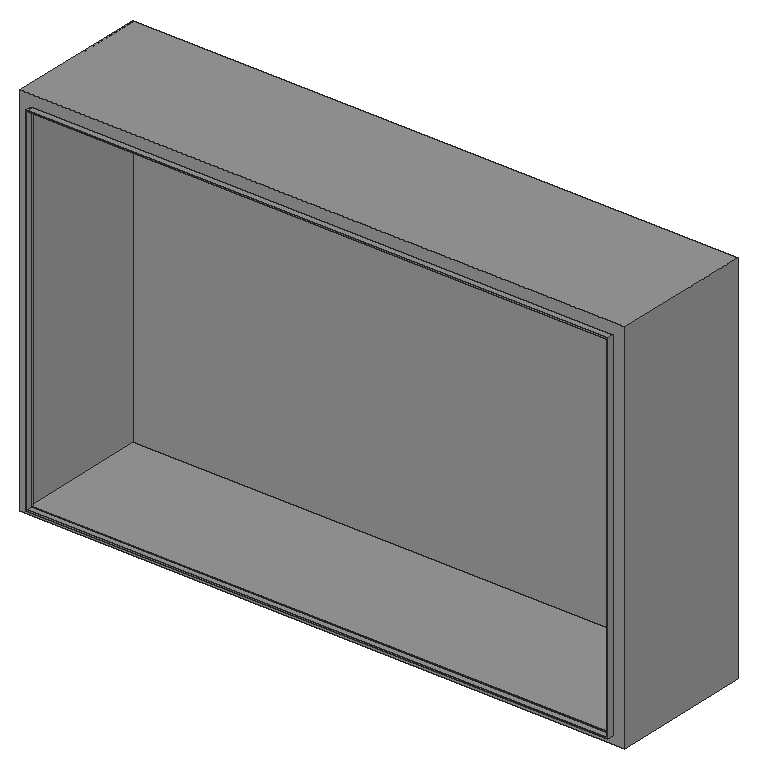
Revit family "Hager-Univers-IP30-D205-H500-Cl.II-Encl-NoHosted-NL-en", category Equipement électrique, Revit 2020
Family settings
  Configuration du panneau = Deux colonnes, circuits au sein
  Cote de connecteur circulaire = Utiliser le diamètre
  Type d'élément = Tableau de raccordement
  Basée sur le plan de construction = Oui
  Toujours verticalement = Oui
  Couper avec des vides une fois chargée = Non
  Partagée = Non
  Point de calcul de pièce = Non
Parameters (values of type "Surface mounted (plaster) IP30 W800 H500 D205  - FP33Q1S")
  Width Control [instance] = if([EF000008 - Width] > Min Width, [EF000008 - Width], Min Width)  # 800 mm
  Commentaires du type = [HG000003 - Range]  # "Univers"
  Thickness Door [instance] = if([EF009171 - Material plate thickness door/cover] > 3 mm, 3 mm, [EF009171 - Material plate thickness door/cover])  # 1 mm
  Seal Frame Offset [instance] = 17 mm  # constant formula
  Plinth Visibility [instance] = [HG000027 - Plinth height] > 0 mm  # no
  Min Width [instance] = 100 mm  # constant formula
  Min Depth [instance] = (2 * [EF009170 - Material plate thickness cabinet]) + 1 mm  # 3 mm
  Min Height [instance] = 100 mm  # constant formula
  Internal Frame Depth [instance] = (Door System Depth * 0.5)  # 9 mm
  Panel Name [instance] = ""  # (empty or 0)
  Model = ""
  HG000027 - Plinth height = 0 mm
  HG000026 - Floor standing = no
  HG000024 - Bottom section height = 600 mm
  HG000023 - Double section enclosure = no
  HG000016 - Door 3d visibility [instance] = yes
  HG000015 - Clearance visibility [instance] = no
  HG000014 - Door on the right [instance] = yes
  HG000013 - Door on the left [instance] = not([HG000014 - Door on the right])  # no
  HG000012 - Door swing angle [instance] = 30.00°
  HG000010 - Asymmetric doors = no
  HG000009 - Double swing door = no
  HG000006 - Flush mounted = no
  HG000004 - Manufacturer reference = "FP33Q1S"
  HG000003 - Range = "Univers"
  HG000002 - With door or cover = no
  Frame Offset Bottom [instance] = 10 mm  # constant formula
  Frame Offset [instance] = 15 mm  # constant formula
  EF015940 - Cover with overpressure release = no
  EF011959 - Degree of protection (NEMA) = ""
  EF009554 - Number of openings for flange plates = 6
  EF009212 - Cover model = "EV009916 - With notch"
  EF009171 - Material plate thickness door/cover = 1 mm
  EF009170 - Material plate thickness cabinet = 1 mm
  EF008873 - Nominal current (In) = 250 A
  EF007800 - Suitable for lightning protection = no
  EF006306 - With lock = no
  EF006244 - Transparent cover/door = no
  EF005474 - Degree of protection (IP) = "EV006410 - IP30"
  EF004464 - Type of door = "EV000494 - None"
  EF004427 - Number of modules = 108
  EF004293 - Impact strength = "EV006813 - IK07"
  EF003532 - Suitable for outdoor use = no
  EF002950 - Width in number of modular spacings = 36
  EF001613 - Circuit integrity = "EV000494 - None"
  EF001596 - Material housing = "EV000179 - Steel"
  EF001131 - Internal depth = 130 mm
  EF001088 - Extension possible = yes
  EF000437 - Number of conduit inlets = 6
  EF000339 - Type of cover = "EV000494 - None"
  EF000266 - Number of rows = 3
  EF000218 - Built-in depth = 0 mm
  EF000118 - With mounting plate = no
  EF000116 - RAL-number = "9010"
  EF000049 - Depth = 205 mm
  EF000040 - Height = 500 mm
  EF000008 - Width = 800 mm
  EF000007 - Colour = "EV000202 - White"
  EF000003 - Mounting method = "EV000384 - Surface mounted (plaster)"
  Door System Leaf Tolerance [instance] = 1.5 mm  # constant formula
  Door System Depth [instance] = 18 mm  # constant formula
  Door Height [instance] = Height Control - [HG000027 - Plinth height]  # 500 mm
  Description = ""
  Default Elevation = 1219.2 mm
  Connector Offset [instance] = Height Control / 2  # 250 mm
  Fabricant = "Hager"  # constant formula
  Height Control [instance] = if([EF000040 - Height] > Min Height, [EF000040 - Height], Min Height)  # 500 mm
  Depth Control [instance] = if([EF000049 - Depth] > Min Depth, [EF000049 - Depth], Min Depth)  # 205 mm
  Bottom Top Plate Trim [instance] = 1.5 mm  # constant formula
  Plinth height Ctrl [instance] = if([HG000027 - Plinth height] > 0 mm, [HG000027 - Plinth height], 12 mm)  # 12 mm
Types (5, lengths in mm): name | Width Control | HG000004 - Manufacturer reference | EF009554 - Number of openings for flange plates | EF004427 - Number of modules | EF002950 - Width in number of modular spacings | EF000437 - Number of conduit inlets | EF000008 - Width
  Surface mounted (plaster) IP30 W1050 H500 D205  - FP34Q1S | 1050 | "FP34Q1S" | 8 | 144 | 48 | 8 | 1050
  Surface mounted (plaster) IP30 W1300 H500 D205  - FP35Q1S | 1300 | "FP35Q1S" | 10 | 180 | 60 | 10 | 1300
  Surface mounted (plaster) IP30 W300 H500 D205  - FP31Q1S | 300 | "FP31Q1S" | 2 | 36 | 12 | 2 | 300
  Surface mounted (plaster) IP30 W550 H500 D205  - FP32Q1S | 550 | "FP32Q1S" | 4 | 72 | 24 | 4 | 550
  Surface mounted (plaster) IP30 W800 H500 D205  - FP33Q1S | 800 | "FP33Q1S" | 6 | 108 | 36 | 6 | 800
Reference planes
  plane 1 "Center (Front/Back)": y = 0
  plane 2: z = 0
  plane 3 "Center (Left/Right)": x = 0
  plane 4: y = 0
  plane 5: y = 0
  plane 6: z = 0
  plane 7: x = -400
  plane 8: x = 400
  plane 9: x = 399
  plane 10: x = -399
  plane 11: z = 0
  plane 12: z = 1
  plane 13: y = -205
  plane 14: y = -1
  plane 15: x = 0
  plane 16: y = -187
  plane 17: y = -204
  plane 18: y = -186
  plane 19: x = -384
  plane 20: x = 384
  plane 21: z = 11
  plane 22: x = -383
  plane 23: x = 383
  plane 24: z = 0
  plane 25: z = 500
  plane 26: z = 500
  plane 27: z = 484
  plane 28: z = 499
Forms (mm)
  Extrusion 1, solid, material "Hager_Steel_RAL7035_Light_Grey", detail levels medium+fine
    sketch origin (-208.679, -4572, 0) x (-1, 0, 0) y (0, -1, 0)
      loop
        line (191.321, -4385) -> (-608.679, -4385) -> (-608.679, -4572) -> (191.321, -4572) -> (191.321, -4385)
    from 0 to 500
  Extrusion 2, void
    sketch origin (-350.771, -205, 1219.2) x (1, 0, 0) y (0, 0, 1)
      loop
        line (-48.229, -720.2) -> (-48.229, -1218.2) -> (749.771, -1218.2) -> (749.771, -720.2) -> (-48.229, -720.2)
    from -19 to -204
  Extrusion 3, void
    sketch origin (-290.084, -187, 1219.2) x (1, 0, 0) y (0, 0, 1)
      loop
        line (-93.916, -1208.2) -> (674.084, -1208.2) -> (674.084, -735.2) -> (-93.916, -735.2) -> (-93.916, -1208.2)
    from 0 to -1
  Extrusion 4, solid, material "Hager_Steel_RAL7035_Light_Grey", visible <- "Plinth Visibility", detail levels medium+fine
    sketch origin (0, 0, 0) x (1, 0, 0) y (0, 1, 0)
      loop
        line (-400, 0) -> (-400, -187) -> (400, -187) -> (400, 0) -> (-400, 0)
    from 0 to 12 <- "Plinth height Ctrl"
  Extrusion 5, solid, material "Hager_Steel_RAL7035_Light_Grey", detail levels coarse
    sketch origin (0, 0, 0) x (1, 0, 0) y (0, 1, 0)
      loop
        line (-400, 0) -> (-400, -205) -> (400, -205) -> (400, 0) -> (-400, 0)
    from 0 to 500 <- "Height Control"
  Sweep 6, void
    path in 3D
      loop
        line (-400, -187, 12) -> (400, -187, 12) -> (400, 0, 12) -> (-400, 0, 12) -> (-400, -187, 12)
    profile origin (-400, -93.5, 12) x (1, 0, 0) y (0, 0, 1)
      loop
        line (0, 0) -> (0, -1.5) -> (1.5, -1.5)
        arc (1.5, -1.5) -> (1.061, -0.439) -> (0, 0) r 1.5
  Extrusion 7, solid, material "Hager_Steel_RAL7035_Light_Grey", detail levels fine
    sketch origin (-400, -187, 0) x (1, 0, 0) y (0, 0, 1)
      loop
        line (16, 11) -> (784, 11) -> (784, 484) -> (16, 484) -> (16, 11)
      loop
        line (15, 10) -> (785, 10) -> (785, 485) -> (15, 485) -> (15, 10)
    from 0 to 9 <- "Internal Frame Depth"
Cuts and joins
  Extrusion 2, Extrusion 3 cuts Extrusion 1
  Sweep 6 cuts Extrusion 4
Lines and regions (mm)
  Masking region 1
    outline origin (0, 0, 0) x (1, 0, 0) y (0, 1, 0)
      loop
        line (-400, 0) -> (-400, -205) -> (400, -205) -> (400, 0) -> (-400, 0)
  Masking region 2, detail levels coarse
    outline origin (-290.084, -187, 1219.2) x (-1, 0, 0) y (0, 0, 1)
      loop
        line (-690.084, -1219.2) -> (109.916, -1219.2) -> (109.916, -719.2) -> (-690.084, -719.2) -> (-690.084, -1219.2)
  Masking region 3, detail levels coarse
    outline origin (0, 0, 0) x (0, 1, 0) y (0, 0, 1)
      loop
        line (0, 0) -> (0, 500) -> (-205, 500) -> (-205, 0) -> (0, 0)
  Masking region 4, visible <- "Plinth Visibility", detail levels medium+fine
    outline origin (0, 0, 0) x (0, 1, 0) y (0, 0, 1)
      loop
        line (-1.5, 12) -> (-185.5, 12)
        arc (-185.5, 12) -> (-185.939, 10.939) -> (-187, 10.5) r 1.5
        line (-187, 10.5) -> (-187, 0) -> (0, 0) -> (0, 10.5)
        arc (0, 10.5) -> (-1.061, 10.939) -> (-1.5, 12) r 1.5
  Masking region 5, detail levels medium+fine
    outline origin (0, 0, 594.038) x (0, 1, 0) y (0, 0, 1)
      loop
        line (0, -594.038) -> (0, -94.038) -> (-187, -94.038) -> (-187, -594.038) -> (0, -594.038)
  Masking region 6, detail levels medium+fine
    outline origin (-359.7, -187, 1211.883) x (-1, 0, 0) y (0, 0, 1)
      loop
        line (-759.7, -1211.883) -> (40.3, -1211.883) -> (40.3, -711.883) -> (-759.7, -711.883) -> (-759.7, -1211.883)
  Masking region 7, visible <- "Plinth Visibility", detail levels medium+fine
    outline origin (-320.334, -187, 1041.368) x (-1, 0, 0) y (0, 0, 1)
      loop
        line (-720.334, -1041.368) -> (79.666, -1041.368) -> (79.666, -1030.868)
        arc (79.666, -1030.868) -> (78.606, -1030.429) -> (78.166, -1029.368) r 1.5
        line (78.166, -1029.368) -> (-718.834, -1029.368)
        arc (-718.834, -1029.368) -> (-719.273, -1030.429) -> (-720.334, -1030.868) r 1.5
        line (-720.334, -1030.868) -> (-720.334, -1041.368)
  sketch lines
    curve 1: line (-400, 0, 12) -> (-400, -187, 12)
    curve 2: line (-400, -187, 12) -> (400, -187, 12)
    curve 3: line (400, 0, 12) -> (-400, 0, 12)
    curve 4: line (400, -187, 12) -> (400, 0, 12)
Dimensions and locks
  locked: plane 1 "Center (Front/Back)" to plane 5
  "EF009170 - Material plate thickness cabinet": plane 7 to plane 10
  "EF009170 - Material plate thickness cabinet": plane 8 to plane 9
  equal spacing: plane 7, plane 3 "Center (Left/Right)", plane 8
  "Width Control": plane 7 to plane 8
  "Depth Control": plane 4 to plane 13
  "EF009170 - Material plate thickness cabinet": plane 4 to plane 14
  "Height Control": plane 25 to level
  "HG000027 - Plinth height": plane 11 to level
  "EF009170 - Material plate thickness cabinet": plane 12 to plane 11
  "EF009170 - Material plate thickness cabinet": plane 17 to plane 13
  "EF009170 - Material plate thickness cabinet": plane 18 to plane 16
  "Frame Offset Bottom": plane 21 to plane 12
  "Frame Offset": plane 10 to plane 19
  "Frame Offset": plane 9 to plane 20
  "Door System Depth": plane 16 to plane 13
  "Seal Frame Offset": plane 7 to plane 22
  "Seal Frame Offset": plane 8 to plane 23
  "EF009170 - Material plate thickness cabinet": plane 26 to plane 28
  "Frame Offset": plane 28 to plane 27
  "Connector Offset": plane 2 to connector elem
  "Bottom Top Plate Trim": profile plane to Sweep 6 sketch curve
  "Bottom Top Plate Trim": Sweep 6 sketch curve to Sweep 6 sketch curve
  "Plinth height Ctrl": Masking region 4 sketch curve to level
  "Plinth height Ctrl": Masking region 7 sketch curve to level
  "Thickness Door": Extrusion 7 sketch curve to Extrusion 7 sketch curve  (x4)
  "Bottom Top Plate Trim": radius of Sweep 6 sketch curve
  "Bottom Top Plate Trim": radius of Masking region 4 sketch curve  (x2)
  "Bottom Top Plate Trim": radius of Masking region 7 sketch curve  (x2)
  aligned and locked: Extrusion 2 sketch curve to plane 12
  aligned and locked: Extrusion 2 sketch curve to plane 9
  aligned and locked: Extrusion 2 sketch curve to plane 10
  aligned and locked: Extrusion 2 to plane 14
  aligned and locked: Extrusion 1 sketch curve to plane 4
  aligned and locked: plane 8 to Extrusion 1 sketch curve
  aligned and locked: plane 7 to Extrusion 1 sketch curve
  aligned and locked: Extrusion 2 to plane 18
  aligned and locked: plane 19 to Extrusion 3 sketch curve
  aligned and locked: plane 20 to Extrusion 3 sketch curve
  aligned and locked: Extrusion 3 to Extrusion 2
  aligned and locked: Extrusion 3 sketch curve to plane 21
  aligned and locked: plane 3 "Center (Left/Right)" to nested 1
  aligned and locked: Extrusion 1 sketch curve to plane 16
  aligned and locked: Extrusion 4 sketch curve to cut or joined group of Extrusion 1, Extrusion 2, Extrusion 3
  aligned and locked: Masking region 1 sketch curve to plane 7
  aligned and locked: Masking region 1 sketch curve to plane 5
  aligned and locked: Masking region 1 sketch curve to plane 8
  aligned and locked: Masking region 2 sketch curve to level
  aligned and locked: level to Masking region 3 sketch curve
  aligned and locked: plane 1 "Center (Front/Back)" to Masking region 3 sketch curve
  aligned and locked: plane 13 to Masking region 3 sketch curve
  aligned and locked: plane 5 to Masking region 4 sketch curve
  aligned and locked: Masking region 2 sketch curve to plane 8
  aligned and locked: Masking region 2 sketch curve to plane 7
  aligned and locked: plane 7 to nested 2
  aligned and locked: nested 2 to plane 5
  aligned and locked: plane 5 to Masking region 5 sketch curve
  aligned and locked: plane 26 to Masking region 5 sketch curve
  aligned and locked: Extrusion 5 sketch curve to plane 8
  aligned and locked: Extrusion 5 sketch curve to plane 7
  aligned and locked: Extrusion 5 sketch curve to plane 5
  aligned and locked: Extrusion 3 sketch curve to plane 27
  aligned and locked: Extrusion 2 sketch curve to plane 28
  aligned and locked: Masking region 2 to plane 25
  aligned and locked: Extrusion 4 to plane 16
  aligned and locked: profile plane to Sweep 6 sketch curve
  aligned and locked: Masking region 5 sketch curve to plane 24
  aligned and locked: level to Masking region 4 sketch curve
  aligned and locked: Masking region 1 to plane 13
  aligned and locked: nested 1 to plane 16
  aligned and locked: Masking region 3 to plane 25
  aligned and locked: plane 16 to Masking region 4 sketch curve
  aligned and locked: Masking region 5 sketch curve to plane 16
  aligned and locked: plane 24 to plane 11
  aligned and locked: plane 26 to plane 25
  aligned and locked: plane 26 to cut or joined group of Extrusion 1, Extrusion 2, Extrusion 3
  aligned and locked: nested 1 to plane 24
  aligned and locked: Extrusion 1 to Extrusion 3
  aligned and locked: Masking region 6 sketch curve to plane 8
  aligned and locked: Masking region 6 sketch curve to plane 24
  aligned and locked: Masking region 6 sketch curve to plane 7
  aligned and locked: Masking region 6 sketch curve to plane 26
  aligned and locked: Masking region 7 sketch curve to plane 7
  aligned and locked: level to Masking region 7 sketch curve
  aligned and locked: Masking region 7 sketch curve to plane 8
  aligned and locked: Extrusion 7 sketch curve to cut or joined group of Extrusion 1, Extrusion 2, Extrusion 3  (x4)
Automatic sketch dimensions
  plane 19 to Extrusion 3 sketch curve = 0 mm
  Extrusion 3 sketch curve to plane 20 = 0 mm
  Extrusion 3 sketch curve to plane 21 = 0 mm
  Extrusion 4 sketch curve to plane 7 = 0 mm
  Extrusion 4 sketch curve to plane 8 = 0 mm
  Extrusion 4 sketch curve to plane 16 = 0 mm
  Masking region 1 sketch curve to plane 13 = 0 mm
  Masking region 2 sketch curve to plane 25 = 0 mm
  Masking region 3 sketch curve to plane 25 = 0 mm
  Extrusion 5 sketch curve to plane 13 = 0 mm
  profile plane to Sweep 6 sketch curve = 0 mm
Nested families
  nested 1: "EC000058_Univers_Door" at (0, -187, 0), Double <- "HG000009 - Double swing door", Transparent <- "EF006244 - Transparent cover/door", Angle <- "HG000012 - Door swing angle", Door_Right <- "HG000014 - Door on the right", Assymetrical <- "HG000010 - Asymmetric doors", Door <- "HG000002 - With door or cover", Width_Ctrl <- "Width Control", 3d_Door <- "HG000016 - Door 3d visibility", Clearance <- "HG000015 - Clearance visibility", Door_Left <- "HG000013 - Door on the left", Width <- "Width Control", Door_Depth <- "Door System Depth", Leaf_Tolerance <- "Door System Leaf Tolerance", Height <- "Door Height", Lock_Visibility <- "EF006306 - With lock", Thickness <- "Thickness Door", type "EC000058_Univers_Door", detail levels medium+fine
    with min_wh 3 mm, Width_Ctrl 800 mm, Width 800 mm, Transparent no, Thickness 1 mm, Seal_Material Hager_Rubber, Lock_Visibility no, Lock_Material Hager_Plastic_RAL9005_Jet_Black, Leaf_Width 800 mm, Leaf_Tolerance_External_Sides 0 mm, Leaf_Tolerance 1.5 mm, Leaf_Offset 0 mm, Leaf_Height 497 mm, Leaf_2_Width 800 mm, Leaf_2_Offset 400 mm, Leaf_1_Width 800 mm, Leaf_1_Offset 400 mm, Height_Ctrl 500 mm, Height 500 mm, Glass_Material Hager_Glass, Double_Clearance_Ctrl no, Double no, Door_Right_Ctrl no, Door_Right yes, Door_Material Hager_Steel_RAL7035_Light_Grey, Door_Left_Ctrl no, Door_Left no, Door_Depth 18 mm, Door no, Clearance_Material Hager_Clearance, Clearance_Depth 800 mm, Clearance_Ctrl no, Clearance no, Assymetrical no, Angle 30.00°, 3d_Door yes
  nested 2: "Hager_Enclosure_Symbol" at (-400, 0, 0), Height <- "Depth Control", Width <- "Width Control", type "Hager_Enclosure_Symbol"
    with Width_Ctrl 800 mm, Width 800 mm, Height_Ctrl 205 mm, Height 205 mm, A_Width_Int 13.453 mm, A_Width 161.438 mm, A_Height_Ctrl 179.375 mm, A_Height 179.375 mm
Connectors
  electrical at (0, 0, 250)
    settings: on plane 1 "Center (Front/Back)", index 1, voltage 0 V, apparent load 0 VA, apparent load phase1 0 VA, apparent load phase2 0 VA, apparent load phase3 0 VA, power factor 1, load classification "Other", number of poles 1, system type 30, power factor state 1, is connector primary yes, connector utility no, sub classification motor no, connector description ""
Definition of nested family "EC000058_Univers_Door"
  Parameters (values of type "EC000058_Univers_Door")
    min_wh [instance] = (2 * Thickness) + 1 mm  # 11 mm
    Width_Ctrl [instance] = 400 mm
    Width [instance] = 500 mm
    Transparent [instance] = yes
    Thickness [instance] = 5 mm
    Seal_Material [instance] = none
    Lock_Visibility [instance] = yes
    Lock_Material [instance] = none
    Leaf_Width [instance] = if((Width_Ctrl - 2 * Leaf_Tolerance_External_Sides) > 0 mm, (Width_Ctrl - 2 * Leaf_Tolerance_External_Sides), min_wh)  # 400 mm
    Leaf_Tolerance_External_Sides [instance] = 0 mm  # constant formula
    Leaf_Tolerance [instance] = 1.5 mm
    Leaf_Offset [instance] = 0 mm  # constant formula
    Leaf_Height [instance] = if((Height_Ctrl - 2 * Leaf_Tolerance) > 0 mm, (Height_Ctrl - 2 * Leaf_Tolerance), min_wh)  # 497 mm
    Leaf_2_Width [instance] = if(and(and(Double, Assymetrical), Door_Left), (Leaf_Width / 3) - (Leaf_Tolerance / 2), if(and(and(Double, Assymetrical), Door_Right), (Leaf_Width / 3) * 2 - (Leaf_Tolerance / 2), if(and(Double, not(Assymetrical)), (Leaf_Width / 2) - Leaf_Tolerance, Leaf_Width)))  # 400 mm
    Leaf_2_Offset [instance] = if(and(Double, Assymetrical), Leaf_2_Width / 2, if(and(Double, not(Assymetrical)), Leaf_Width / 4, Leaf_Width / 2))  # 200 mm
    Leaf_1_Width [instance] = if(and(and(Double, Assymetrical), Door_Right), (Leaf_Width / 3) - (Leaf_Tolerance / 2), if(and(and(Double, Assymetrical), Door_Left), (Width / 3) * 2 - (Leaf_Tolerance / 2), if(and(Double, not(Assymetrical)), (Leaf_Width / 2) - Leaf_Tolerance, Leaf_Width)))  # 400 mm
    Leaf_1_Offset [instance] = if(and(Double, Assymetrical), Leaf_1_Width / 2, if(and(Double, not(Assymetrical)), Leaf_Width / 4, Leaf_Width / 2))  # 200 mm
    Height_Ctrl [instance] = if(Height > min_wh, Height, min_wh)  # 500 mm
    Height [instance] = 500 mm
    Glass_Material [instance] = none
    Double_Clearance_Ctrl [instance] = and(Double, Clearance)  # no
    Double [instance] = no
    Door_Right_Ctrl [instance] = and(or(Door_Right, Double), Door)  # yes
    Door_Right [instance] = yes
    Door_Material [instance] = none
    Door_Left_Ctrl [instance] = and(or(Door_Left, Double), Door)  # no
    Door_Left [instance] = no
    Door_Depth [instance] = 30 mm
    Door [instance] = yes
    Default Elevation = 1219.2 mm
    Clearance_Material [instance] = none
    Clearance_Depth [instance] = if(Leaf_1_Width > Leaf_2_Width, Leaf_1_Width, Leaf_2_Width)  # 400 mm
    Clearance_Ctrl [instance] = and(not(Double), Clearance)  # yes
    Clearance [instance] = yes
    Assymetrical [instance] = yes
    Angle [instance] = 30.00°
    3d_Door [instance] = yes
  Reference planes
    plane 1 "Center (Front/Back)": y = 0
    plane 2 "Bottom": z = 0
    plane 3 "Center (Left/Right)": x = 0
    plane 4: z = 500
    plane 5: x = -200
    plane 6: x = 200
    plane 7: z = 500
    plane 8: x = -200
    plane 9: z = 0
    plane 10: x = 200
    plane 11: y = 0
    plane 12: z = 1.5
    plane 13: x = -600
    plane 14: y = -400
    plane 15: x = 600
    plane 16: x = 0
    plane 17: x = 0
    plane 18: x = -200
    plane 19: x = 200
    plane 20: z = 498.5
  Forms (mm)
    Extrusion 1, solid, material <- "Clearance_Material", visible <- "Double_Clearance_Ctrl"
      sketch origin (1200, 0, 0) x (1, 0, 0) y (0, 0, -1)
        loop
          line (-1800, -498.5) -> (-600, -498.5) -> (-600, 0) -> (-1800, 0) -> (-1800, -498.5)
      from 0 to -400
  Dimensions and locks
    equal spacing: plane 5, plane 3 "Center (Left/Right)", plane 6
    "Width_Ctrl": plane 5 to plane 6
    "Leaf_Offset": plane 5 to plane 8
    "Leaf_Offset": plane 6 to plane 10
    "Leaf_Offset": plane 9 to level
    "Leaf_Offset": plane 4 to plane 7
    "Height_Ctrl": plane 4 to level
    "Leaf_Tolerance": plane 12 to plane 9
    locked: plane 11 to plane 1 "Center (Front/Back)"
    "Leaf_1_Offset": plane 18 to plane 16
    "Leaf_2_Offset": plane 17 to plane 19
    "Leaf_1_Width": plane 13 to plane 8
    "Leaf_2_Width": plane 10 to plane 15
    "Clearance_Depth": plane 14 to plane 1 "Center (Front/Back)"
    "Leaf_Tolerance_External_Sides": plane 8 to plane 18
    "Leaf_Tolerance_External_Sides": plane 19 to plane 10
    "Leaf_Tolerance": plane 7 to plane 20
    aligned and locked: level to plane 2 "Bottom"
    aligned and locked: nested 1 to plane 16
    aligned and locked: nested 2 to plane 17
    aligned and locked: Extrusion 1 to plane 13
    aligned and locked: plane 15 to Extrusion 1
    aligned and locked: Extrusion 1 to plane 14
    aligned and locked: plane 12 to nested 1
    aligned and locked: nested 2 to plane 12
    aligned and locked: Extrusion 1 to plane 11
    aligned and locked: plane 20 to Extrusion 1
    aligned and locked: nested 2 to plane 11
    aligned and locked: nested 1 to plane 11
  Automatic sketch dimensions
    Extrusion 1 sketch curve to level = 0 mm
    plane 5 to Extrusion 1 sketch curve = 400 mm
    plane 6 to Extrusion 1 sketch curve = 400 mm
    Extrusion 1 sketch curve to plane 4 = 1.5 mm
  Nested families
    nested 1: "EC000058_Univers_Door_Leaf" at (0, 0, 1.5), Width <- "Leaf_1_Width", visible <- "Door_Left_Ctrl", Leaf_Height <- "Leaf_Height", Angle <- "Angle", 3d_Door <- "3d_Door", Transparent <- "Transparent", Clearance Material <- "Clearance_Material", Clearance <- "Clearance_Ctrl", Door_Material <- "Door_Material", Glass_Material <- "Glass_Material", Door_Depth <- "Door_Depth", Lock_Material <- "Lock_Material", Seal_Material <- "Seal_Material", Lock_Visibility <- "Lock_Visibility", Thickness <- "Thickness", type "EC000058_Univers_Door_Leaf"
      with Width 400 mm, Transparent_Glass_Offset 30 mm, Transparent_Ctrl yes, Transparent yes, Thickness 5 mm, Standard no, Seal_Material none, Seal_D2 8 mm, Seal_D1 1 mm, Offset_Internal_Frame 10 mm, Lock_Width 20 mm, Lock_Visibility_3d yes, Lock_Visibility yes, Lock_Thickness_3 3 mm, Lock_Thickness_2 1 mm, Lock_Thickness_1 3 mm, Lock_Radius_Offset_2 16 mm, Lock_Radius_Offset_1 15 mm, Lock_Radius_2 5 mm, Lock_Radius 6 mm, Lock_Offset 5 mm, Lock_Material none, Lock_Height 80 mm, Lock_Cover_Top_Offset_2d 17 mm, Lock_Cover_Height -65 mm, Leaf_Height 497 mm, Internal_Seal_Thickness 8 mm, Internal_Seal_Depth_2 4.5 mm, Internal_Frame_Depth 25 mm, Glass_Thickness -1 mm, Glass_Offset -2 mm, Glass_Material none, Door_Material none, Door_Depth 30 mm, Clearance Material none, Clearance yes, Angle_Ctrl 30.00°, Angle 30.00°, 3d_Door yes
    nested 2: "EC000058_Univers_Door_Leaf" at (0, 0, 1.5) x (-1, 0, 0) z (0, 0, 1), Width <- "Leaf_2_Width", visible <- "Door_Right_Ctrl", Leaf_Height <- "Leaf_Height", Angle <- "Angle", 3d_Door <- "3d_Door", Transparent <- "Transparent", Clearance Material <- "Clearance_Material", Clearance <- "Clearance_Ctrl", Door_Material <- "Door_Material", Glass_Material <- "Glass_Material", Door_Depth <- "Door_Depth", Lock_Material <- "Lock_Material", Seal_Material <- "Seal_Material", Lock_Visibility <- "Lock_Visibility", Thickness <- "Thickness", type "EC000058_Univers_Door_Leaf"
      with Width 400 mm, Transparent_Glass_Offset 30 mm, Transparent_Ctrl yes, Transparent yes, Thickness 5 mm, Standard no, Seal_Material none, Seal_D2 8 mm, Seal_D1 1 mm, Offset_Internal_Frame 10 mm, Lock_Width 20 mm, Lock_Visibility_3d yes, Lock_Visibility yes, Lock_Thickness_3 3 mm, Lock_Thickness_2 1 mm, Lock_Thickness_1 3 mm, Lock_Radius_Offset_2 16 mm, Lock_Radius_Offset_1 15 mm, Lock_Radius_2 5 mm, Lock_Radius 6 mm, Lock_Offset 5 mm, Lock_Material none, Lock_Height 80 mm, Lock_Cover_Top_Offset_2d 17 mm, Lock_Cover_Height -65 mm, Leaf_Height 497 mm, Internal_Seal_Thickness 8 mm, Internal_Seal_Depth_2 4.5 mm, Internal_Frame_Depth 25 mm, Glass_Thickness -1 mm, Glass_Offset -2 mm, Glass_Material none, Door_Material none, Door_Depth 30 mm, Clearance Material none, Clearance yes, Angle_Ctrl 30.00°, Angle 30.00°, 3d_Door yes
  Definition of nested family "EC000058_Univers_Door_Leaf"
    Parameters (values of type "EC000058_Univers_Door_Leaf")
      Width [instance] = 2000 mm
      Transparent_Glass_Offset [instance] = 30 mm
      Transparent_Ctrl [instance] = and(Transparent, [3d_Door])  # yes
      Transparent [instance] = yes
      Thickness [instance] = 5 mm
      Standard [instance] = and(not(Transparent), [3d_Door])  # no
      Seal_Material [instance] = none
      Seal_D2 [instance] = 8 mm  # constant formula
      Seal_D1 [instance] = 1 mm  # constant formula
      Offset_Internal_Frame [instance] = 10 mm  # constant formula
      Lock_Width [instance] = 20 mm  # constant formula
      Lock_Visibility_3d [instance] = and(Lock_Visibility, [3d_Door])  # yes
      Lock_Visibility [instance] = yes
      Lock_Thickness_3 [instance] = 3 mm  # constant formula
      Lock_Thickness_2 [instance] = 1 mm  # constant formula
      Lock_Thickness_1 [instance] = 3 mm  # constant formula
      Lock_Radius_Offset_2 [instance] = Lock_Radius_Offset_1 + 1 mm  # 16 mm
      Lock_Radius_Offset_1 [instance] = 15 mm  # constant formula
      Lock_Radius_2 [instance] = Lock_Radius - 1 mm  # 5 mm
      Lock_Radius [instance] = 6 mm  # constant formula
      Lock_Offset [instance] = 5 mm  # constant formula
      Lock_Material [instance] = none
      Lock_Height [instance] = 80 mm  # constant formula
      Lock_Cover_Top_Offset_2d [instance] = Lock_Radius_Offset_2 + 1 mm  # 17 mm
      Lock_Cover_Height [instance] = -(Lock_Height - Lock_Radius_Offset_1)  # -65 mm
      Leaf_Height [instance] = 2720.336 mm
      Internal_Seal_Thickness [instance] = 8 mm  # constant formula
      Internal_Seal_Depth_2 [instance] = 4.5 mm  # constant formula
      Internal_Frame_Depth [instance] = if(Door_Depth - Thickness > 5 mm, Door_Depth - Thickness, 5 mm)  # 25 mm
      Glass_Thickness [instance] = if(Thickness > 15 mm, Glass_Offset + 10 mm, -1 mm)  # -1 mm
      Glass_Offset [instance] = if(Thickness > 15 mm, -(Thickness + 10 mm) / 2, -2 mm)  # -2 mm
      Glass_Material [instance] = none
      Door_Material [instance] = none
      Door_Depth [instance] = 30 mm
      Default Elevation = 0 mm
      Clearance Material [instance] = none
      Clearance [instance] = yes
      Angle_Ctrl [instance] = if(Angle > 180.00°, 180.00°, Angle)  # 90.00°
      Angle [instance] = 90.00°
      3d_Door [instance] = yes
    Reference planes
      plane 1 "Center (Front/Back)": y = 0
      plane 2: z = 0
      plane 3 "Center (Left/Right)": x = 0
      plane 4: y = 2000
      plane 5: x = -1000
      plane 6: x = 1000
      plane 7: x = -3000
      plane 8: z = 2720.336
      plane 9: z = 30
      plane 10: z = 2690.336
      plane 11: x = 970
      plane 12: x = -970
      plane 13: y = -3
      plane 14: z = 107.833
      plane 15: y = -5
      plane 16: y = -223.314
      plane 17: x = -1000
      plane 18: z = 1360.168
      plane 19: y = 30
    Forms (mm)
      Extrusion 1, solid, material <- "Clearance Material", visible <- "Clearance"
        sketch origin (0, 0, 0) x (1, 0, 0) y (0, 0, 1)
          loop
            line (-3000, 2720.336) -> (-3000, 0) -> (1000, 0) -> (1000, 2720.336) -> (-3000, 2720.336)
        from 0 to -2000
      Extrusion 2, solid, material <- "Door_Material", visible <- "Standard", detail levels medium+fine
        sketch origin (-1000, 0, 0) x (0, 1, 0) y (-1, 0, 0)
          loop
            line (0, 30) -> (0, 25) -> (2000, 25) -> (2000, 30) -> (0, 30)
        from 0 to 2720.336 <- "Leaf_Height"
      Extrusion 3, solid, material <- "Door_Material", visible <- "Transparent_Ctrl", detail levels medium+fine
        sketch origin (-1000, 0, 0) x (0, 1, 0) y (-1, 0, 0)
          loop
            line (0, 25) -> (2000, 25) -> (2000, 30) -> (0, 30) -> (0, 25)
        from 0 to 2720.336 <- "Leaf_Height"
      Extrusion 4, void
        sketch origin (-1025, 2000, 0) x (0, 1, 0) y (0, 0, -1)
          loop
            line (-30, -2690.336) -> (-30, -30) -> (-1970, -30) -> (-1970, -2690.336) -> (-30, -2690.336)
        from 0 to 5 <- "Thickness"
      Sweep 5, solid, material <- "Seal_Material", visible <- "Transparent_Ctrl", detail levels fine
        path in 3D
          loop
            line (-1025, 30, 30) -> (-1025, 30, 2690.336) -> (-1025, 1970, 2690.336) -> (-1025, 1970, 30) -> (-1025, 30, 30)
        profile origin (-1025, 1000, 30) x (1, 0, 0) y (0, 0, 1)
          loop
            line (0, 0) -> (0, -8) -> (1, -8) -> (1, 0) -> (0, 0)
      Extrusion 6, solid, material <- "Glass_Material", visible <- "Transparent_Ctrl", detail levels medium+fine
        sketch origin (-1030, 0, 0) x (0, 1, 0) y (0, 0, -1)
          loop
            line (1970, -2690.336) -> (1970, -30) -> (30, -30) -> (30, -2690.336) -> (1970, -2690.336)
        from -2 <- "Glass_Offset" to -1 <- "Glass_Thickness"
      Extrusion 7, solid, material <- "Door_Material", visible <- "3d_Door", detail levels medium+fine
        sketch origin (-1025, 2000, 0) x (0, -1, 0) y (0, 0, -1)
          loop
            line (0, -2720.336) -> (2000, -2720.336) -> (2000, 0) -> (0, 0) -> (0, -2720.336)
          loop
            line (1995, -5) -> (5, -5) -> (5, -2715.336) -> (1995, -2715.336) -> (1995, -5)
        from 0 to 25 <- "Internal_Frame_Depth"
      Sweep 8, solid, material <- "Seal_Material", visible <- "Transparent_Ctrl", detail levels fine
        path in 3D
          loop
            line (-1025, 0, 0) -> (-1025, 2000, 0) -> (-1025, 2000, 2720.336) -> (-1025, 0, 2720.336) -> (-1025, 0, 0)
        profile origin (-1025, 0, 1360.168) x (1, 0, 0) y (0, 1, 0)
          loop
            line (0, 10) -> (2.975, 10)
            arc (2.975, 10) -> (4.053, 10.447) -> (4.5, 11.525) r 1.525
            line (4.5, 11.525) -> (4.5, 16.527)
            arc (4.5, 16.527) -> (4.069, 17.569) -> (3.027, 18) r 1.473
            line (3.027, 18) -> (0, 18) -> (0, 10)
      Extrusion 9, solid, material <- "Lock_Material", visible <- "Lock_Visibility_3d", detail levels fine
        sketch origin (-1030, 0, 0) x (0, 1, 0) y (0, 0, -1)
          loop
            arc (1993.5, -1400.168) -> (1994.561, -1399.729) -> (1995, -1398.668) r 1.5
            line (1995, -1398.668) -> (1995, -1320.168) -> (1975, -1320.168) -> (1975, -1398.668)
            arc (1975, -1398.668) -> (1975.439, -1399.729) -> (1976.5, -1400.168) r 1.5
            line (1976.5, -1400.168) -> (1993.5, -1400.168)
        from 3 <- "Lock_Thickness_1" to 0
      Blend 10, solid, material <- "Lock_Material", visible <- "Lock_Visibility_3d", detail levels fine
        base sketch origin (-1033, 0, 0) x (0, 1, 0) y (0, 0, -1)
          loop
            line (1975, -1320.168) -> (1975, -1398.668)
            arc (1975, -1398.668) -> (1975.439, -1399.729) -> (1976.5, -1400.168) r 1.5
            line (1976.5, -1400.168) -> (1993.5, -1400.168)
            arc (1993.5, -1400.168) -> (1994.561, -1399.729) -> (1995, -1398.668) r 1.5
            line (1995, -1398.668) -> (1995, -1320.168) -> (1975, -1320.168)
        top sketch origin (-1033, 0, 0) x (0, 1, 0) y (0, 0, -1)
          loop
            line (1976, -1320.168) -> (1976, -1398.668)
            arc (1976, -1398.668) -> (1976.146, -1399.022) -> (1976.5, -1399.168) r 0.5
            line (1976.5, -1399.168) -> (1993.5, -1399.168)
            arc (1993.5, -1399.168) -> (1993.854, -1399.022) -> (1994, -1398.668) r 0.5
            line (1994, -1398.668) -> (1994, -1320.168) -> (1976, -1320.168)
        from 0 to 1 <- "Lock_Thickness_2"
      Blend 11, solid, material <- "Lock_Material", visible <- "Lock_Visibility_3d", detail levels fine
        base sketch origin (-1034, 0, 0) x (0, 1, 0) y (0, 0, -1)
          loop
            line (1978, -1320.168) -> (1978, -1384.168)
            arc (1978, -1384.168) -> (1985, -1391.168) -> (1992, -1384.168) r 7
            line (1992, -1384.168) -> (1992, -1320.168) -> (1978, -1320.168)
        top sketch origin (-1034, 0, 0) x (0, 1, 0) y (0, 0, -1)
          loop
            line (1991, -1320.168) -> (1979, -1320.168) -> (1979, -1383.168)
            arc (1979, -1383.168) -> (1985, -1389.168) -> (1991, -1383.168) r 6
            line (1991, -1383.168) -> (1991, -1320.168)
        from 0 to 3 <- "Lock_Thickness_3"
      Extrusion 12, solid, material <- "Lock_Material", visible <- "Lock_Visibility_3d", detail levels fine
        sketch origin (-1030, 1975, 1320.168) x (1, 0, 0) y (0, -1, 0)
          loop
            line (-7, -19) -> (-7, -1) -> (0, -1) -> (0, 0) -> (-8, 0) -> (-8, -20) -> (0, -20) -> (0, -19) -> (-7, -19)
        from 0 to -65 <- "Lock_Cover_Height"
      Extrusion 13, void
        sketch origin (-1038, 1995, 1320.168) x (-1, 0, 0) y (0, 0, -1)
          loop
            line (-5, -65) -> (0, -65) -> (-5, -60) -> (-5, -65)
        from 0 to 20 <- "Lock_Width"
      Extrusion 14, void
        sketch origin (-1038, 1975, 1320.168) x (0, -1, 0) y (0, 0, -1)
          loop
            circle (-10, -15.995) r 6
          loop
            circle (-10, -15.995) r 5
        from 0 to 2
      Extrusion 15, solid, material <- "Lock_Material", visible <- "Lock_Visibility_3d", detail levels medium
        sketch origin (-1030, 0, 0) x (0, 1, 0) y (0, 0, -1)
          loop
            arc (1993.5, -1400.168) -> (1994.561, -1399.729) -> (1995, -1398.668) r 1.5
            line (1995, -1398.668) -> (1995, -1320.168) -> (1975, -1320.168) -> (1975, -1398.668)
            arc (1975, -1398.668) -> (1975.439, -1399.729) -> (1976.5, -1400.168) r 1.5
            line (1976.5, -1400.168) -> (1993.5, -1400.168)
        from 8 to 0
    Cuts and joins
      Extrusion 4 cuts Extrusion 3
      Extrusion 13, Extrusion 14 cuts Extrusion 9
      Extrusion 14 cuts Blend 11
      Extrusion 13, Extrusion 14 cuts Extrusion 12
      joined: Extrusion 9, Blend 10, Blend 11, Extrusion 12
      Extrusion 14 cuts Extrusion 15
    Lines and regions (mm)
      Masking region 1, visible <- "Lock_Visibility", detail levels fine
        outline origin (0, 0, 0) x (0, 1, 0) y (0, 0, 1)
          loop
            line (30, 1320.168) -> (33, 1320.168) -> (33, 1400.168) -> (30, 1400.168) -> (30, 1320.168)
      Masking region 2, visible <- "Lock_Visibility", detail levels fine
        outline origin (0, 3.143, 0) x (0, 1, 0) y (0, 0, 1)
          loop
            line (29.857, 1354.168) -> (30.857, 1354.168) -> (30.857, 1366.168) -> (29.857, 1366.168) -> (29.857, 1354.168)
      Masking region 3, detail levels medium+fine
        outline origin (0, 0, 0) x (0, 1, 0) y (0, 0, 1)
          loop
            line (0, 0) -> (30, 0) -> (30, 2720.336) -> (0, 2720.336) -> (0, 0)
      Masking region 4, detail levels medium+fine
        outline origin (0, 0, 0) x (1, 0, 0) y (0, 0, 1)
          loop
            line (-1000, 2720.336) -> (-1000, 0) -> (1000, 0) -> (1000, 2720.336) -> (-1000, 2720.336)
      Masking region 5, visible <- "Lock_Visibility", detail levels fine
        outline origin (-47.116, 0, 0) x (1, 0, 0) y (0, 0, 1)
          loop
            arc (1024.616, 1399.168) -> (1023.556, 1398.729) -> (1023.116, 1397.668) r 1.5
            line (1023.116, 1397.668) -> (1023.116, 1320.168) -> (1041.116, 1320.168) -> (1041.116, 1397.668)
            arc (1041.116, 1397.668) -> (1040.677, 1398.729) -> (1039.616, 1399.168) r 1.5
            line (1039.616, 1399.168) -> (1024.616, 1399.168)
      Masking region 6, visible <- "Lock_Visibility", detail levels medium+fine
        outline origin (-25, 0, 0) x (1, 0, 0) y (0, 0, 1)
          loop
            arc (1001.5, 1400.168) -> (1000.439, 1399.729) -> (1000, 1398.668) r 1.5
            line (1000, 1398.668) -> (1000, 1320.168) -> (1020, 1320.168) -> (1020, 1398.668)
            arc (1020, 1398.668) -> (1019.561, 1399.729) -> (1018.5, 1400.168) r 1.5
            line (1018.5, 1400.168) -> (1001.5, 1400.168)
      Masking region 7, visible <- "Lock_Visibility", detail levels fine
        outline origin (-73.735, 0, 0) x (1, 0, 0) y (0, 0, 1)
          loop
            line (1051.735, 1382.168) -> (1065.735, 1382.168) -> (1065.735, 1384.168)
            arc (1065.735, 1384.168) -> (1058.735, 1391.168) -> (1051.735, 1384.168) r 7
            line (1051.735, 1384.168) -> (1051.735, 1382.168)
      Masking region 8, visible <- "Lock_Visibility", detail levels fine
        outline origin (-73.735, 0, 0) x (1, 0, 0) y (0, 0, 1)
          loop
            line (1052.735, 1382.168) -> (1064.735, 1382.168) -> (1064.735, 1383.168)
            arc (1064.735, 1383.168) -> (1058.735, 1389.168) -> (1052.735, 1383.168) r 6
            line (1052.735, 1383.168) -> (1052.735, 1382.168)
      Masking region 9, visible <- "Lock_Visibility", detail levels fine
        outline origin (-25, 0, 0) x (1, 0, 0) y (0, 0, 1)
          loop
            line (1020, 1320.168) -> (1020, 1382.168) -> (1000, 1382.168) -> (1000, 1320.168) -> (1020, 1320.168)
      Masking region 10, detail levels medium+fine
        outline origin (0, 0, 0) x (1, 0, 0) y (0, 0, 1)
          loop
            circle (985, 1335.144) r 6
      Masking region 11, detail levels fine
        outline origin (0, 0, 0) x (1, 0, 0) y (0, 0, 1)
          loop
            circle (985, 1335.144) r 5
      Masking region 12, visible <- "Lock_Visibility", detail levels fine
        outline origin (0, 12.767, 0) x (0, 1, 0) y (0, 0, 1)
          loop
            line (20.233, 1320.168) -> (21.233, 1320.168) -> (21.233, 1399.168) -> (20.233, 1400.168) -> (20.233, 1320.168)
      Masking region 13, visible <- "Lock_Visibility", detail levels fine
        outline origin (0, 13.767, -10) x (0, 1, 0) y (0, 0, 1)
          loop
            line (20.233, 1330.168) -> (23.233, 1330.168) -> (23.233, 1399.168) -> (20.233, 1402.168) -> (20.233, 1330.168)
      Masking region 14, visible <- "Lock_Visibility", detail levels fine
        outline origin (0, 12.767, -10) x (0, 1, 0) y (0, 0, 1)
          loop
            line (20.233, 1330.168) -> (25.233, 1330.168) -> (25.233, 1399.305) -> (20.233, 1394.305) -> (20.233, 1330.168)
      Masking region 15, visible <- "Lock_Visibility", detail levels medium
        outline origin (0, 0, 0) x (0, 1, 0) y (0, 0, 1)
          loop
            line (30, 1320.168) -> (38, 1320.168) -> (38, 1400.168) -> (30, 1400.168) -> (30, 1320.168)
      Masking region 16, visible <- "Lock_Visibility", detail levels fine
        outline origin (-1000, 0, 0) x (0, 1, 0) y (-1, 0, 0)
          loop
            line (1975, 30) -> (1995, 30) -> (1995, 38) -> (1975, 38) -> (1975, 30)
          loop
            line (1979, 37) -> (1976, 37) -> (1976, 34) -> (1978, 34) -> (1979, 37)
          loop
            line (1994, 37) -> (1991, 37) -> (1992, 34) -> (1994, 34) -> (1994, 37)
      Masking region 17, visible <- "Lock_Visibility", detail levels medium
        outline origin (-1000, 0, 0) x (0, 1, 0) y (-1, 0, 0)
          loop
            line (1975, 30) -> (1995, 30) -> (1995, 38) -> (1975, 38) -> (1975, 30)
      symbolic lines
        curve 1: line (1000, 0, 0) -> (-3000, 0, 0)
        curve 2: arc (1000, 0, 0) -> (-1000, 2000, 0) -> (-3000, 0, 0) r 2000
        curve 4: line (-1030, 0, 0) -> (-1030, 2000, 0)
      reference lines
        curve 3: line (-1000, 0, 0) -> (-1000, 2000, 0)
      symbolic lines, detail levels medium+fine
        curve 5: line (-1030, 2000, 0) -> (-1025, 2000, 0)
        curve 7: line (-1025, 0, 0) -> (-1030, 0, 0)
        curve 8: line (-1025, 0, 0) -> (-1000, 0, 0)
        curve 9: line (-1000, 0, 0) -> (-1000, 2000, 0)
        curve 10: line (-1000, 2000, 0) -> (-1025, 2000, 0)
      symbolic lines, detail levels fine
        curve 6: line (-1025, 2000, 0) -> (-1025, 0, 0)
      sketch lines
        curve 11: line (-1025, 0, 2720.336) -> (-1025, 0, 0)
        curve 12: line (-1025, 2000, 0) -> (-1025, 0, 0)
        curve 13: line (-1025, 2000, 2720.336) -> (-1025, 2000, 0)
        curve 14: line (-1025, 0, 2720.336) -> (-1025, 2000, 2720.336)
        curve 15: line (-1025, 1970, 30) -> (-1025, 30, 30)
        curve 16: line (-1025, 30, 30) -> (-1025, 30, 2690.336)
        curve 17: line (-1025, 1970, 2690.336) -> (-1025, 1970, 30)
        curve 18: line (-1025, 30, 2690.336) -> (-1025, 1970, 2690.336)
      symbolic lines, visible <- "Transparent", detail levels medium+fine
        curve 19: line (-970, 0, 2690.336) -> (970, 0, 2690.336)
        curve 20: line (-970, 0, 30) -> (-970, 0, 2690.336)
        curve 21: line (970, 0, 30) -> (-970, 0, 30)
        curve 22: line (970, 0, 2690.336) -> (970, 0, 30)
    Dimensions and locks
      "Width": plane 1 "Center (Front/Back)" to plane 4
      equal spacing: plane 5, plane 3 "Center (Left/Right)", plane 6
      "Width": plane 5 to plane 6
      "Width": plane 7 to plane 5
      "Leaf_Height": plane 8 to level
      "Width": curve 5 to curve 3
      "Width": curve 3 to curve 3
      plane 8 to plane 10 = 30 mm
      plane 9 to level = 30 mm
      plane 12 to plane 5 = 30 mm
      plane 6 to plane 11 = 30 mm
      Extrusion 1 to Extrusion 4 sketch curve = 30 mm
      "Transparent_Glass_Offset": curve 3 to Extrusion 4 sketch curve
      "Transparent_Glass_Offset": Extrusion 4 sketch curve to cut or joined group of Extrusion 3, Extrusion 4  (x2)
      cut or joined group of Extrusion 3, Extrusion 4 to Extrusion 6 sketch curve = 30 mm
      "Transparent_Glass_Offset": cut or joined group of Extrusion 3, Extrusion 4 to Extrusion 4 sketch curve
      "Thickness": curve 6 to curve 4
      "Thickness": Extrusion 7 sketch curve to Extrusion 7 sketch curve  (x4)
      "Door_Depth": curve 4 to curve 3
      "Offset_Internal_Frame": profile plane to Sweep 8 sketch curve
      "Internal_Seal_Thickness": Sweep 8 sketch curve to Sweep 8 sketch curve
      "Internal_Seal_Depth_2": profile plane to Sweep 8 sketch curve
      "Seal_D1": profile plane to Sweep 5 sketch curve
      "Seal_D2": profile plane to Sweep 5 sketch curve
      "Thickness": Extrusion 2 sketch curve to Extrusion 2 sketch curve
      equal spacing: Extrusion 9 sketch curve, plane 18, Extrusion 9 sketch curve  (x2)
      equal spacing: Masking region 1 sketch curve, plane 18, Masking region 1 sketch curve
      "Lock_Height": Masking region 1 sketch curve to Masking region 1 sketch curve
      "Lock_Radius": Masking region 2 sketch curve to plane 18 to Masking region 2 sketch curve
      Masking region 2 sketch curve to Masking region 1 = 1 mm
      "Door_Depth": plane 19 to plane 1 "Center (Front/Back)"
      "Lock_Thickness_1": Masking region 1 sketch curve to plane 19
      "Lock_Width": Extrusion 9 sketch curve to Extrusion 9 sketch curve
      "Lock_Height": Extrusion 9 sketch curve to Extrusion 9 sketch curve
      "Lock_Offset": cut or joined group of Extrusion 3, Extrusion 4 to Extrusion 9 sketch curve
      equal spacing: plane 8, plane 18, level
      "Lock_Radius_Offset_1": Blend 11 sketch curve to Blend 10
      locked: Blend 10 to Blend 11 sketch curve at 2  (x2)
      locked: var sketch to Blend 11 sketch curve at 1  (x2)
      "Lock_Radius_Offset_2": Blend 11 sketch curve to Blend 10
      locked: Extrusion 12 sketch curve to Extrusion 12 sketch curve at 1  (x3)
      Masking region 6 sketch curve to Masking region 6 sketch curve = 80 mm
      "Lock_Height": Masking region 6 sketch curve to Masking region 6 sketch curve
      "Lock_Width": Masking region 6 sketch curve to Masking region 6 sketch curve
      locked: Masking region 6 to Masking region 5 sketch curve at 1  (x3)
      locked: Masking region 5 to Masking region 7 sketch curve at 2  (x2)
      "Lock_Radius_Offset_1": Masking region 5 to Masking region 7 sketch curve
      "Lock_Radius_Offset_2": Masking region 5 to Masking region 8 sketch curve
      locked: Masking region 7 to Masking region 8 sketch curve at 1  (x2)
      "Lock_Cover_Top_Offset_2d": Masking region 5 to Masking region 9 sketch curve
      equal spacing: Masking region 9, Masking region 10 sketch curve, Masking region 9
      equal spacing: Masking region 9, Masking region 11 sketch curve, Masking region 9
      Extrusion 15 sketch curve to Extrusion 15 sketch curve = 80 mm
      "Lock_Width": Extrusion 15 sketch curve to Extrusion 15 sketch curve
      "Lock_Height": Extrusion 15 sketch curve to Extrusion 15 sketch curve
      equal spacing: Extrusion 15 sketch curve, plane 18, Extrusion 15 sketch curve
      "Lock_Thickness_3": Masking region 13 sketch curve to Masking region 13 sketch curve
      "Lock_Height": Masking region 12 sketch curve to Masking region 12 sketch curve
      locked: Masking region 13 sketch curve to Masking region 1 at 8
      locked: Masking region 14 sketch curve to Masking region 13 at 1
      locked: Masking region 14 sketch curve to Masking region 1 at 10.863
      "Lock_Height": Masking region 15 sketch curve to Masking region 15 sketch curve
      "Lock_Offset": Extrusion 15 sketch curve to cut or joined group of Extrusion 3, Extrusion 4
      "Lock_Offset": plane 6 to Masking region 6 sketch curve
      radius of Sweep 8 sketch curve = 1.525 mm
      radius of Sweep 8 sketch curve = 1.473 mm
      radius of Extrusion 9 sketch curve = 1.5 mm  (x2)
      "Lock_Radius": radius of Extrusion 14 sketch curve
      "Lock_Radius_2": radius of Extrusion 14 sketch curve
      "Lock_Radius": radius of Masking region 10 sketch curve
      "Lock_Radius_2": radius of Masking region 11 sketch curve
      radius of Extrusion 15 sketch curve = 1.5 mm  (x2)
      "Angle_Ctrl": angle plane 1 "Center (Front/Back)" to curve 3
      locked: Masking region 12 sketch curve to Masking region 12 sketch curve (angle 45.00°)
      locked: Masking region 13 sketch curve to Masking region 13 sketch curve (angle 45.00°)
      locked: Masking region 14 sketch curve to Masking region 14 sketch curve (angle 45.00°)
      aligned and locked: level to plane 2
      aligned and locked: Extrusion 1 to curve 1
      aligned and locked: plane 6 to Extrusion 1
      aligned and locked: Extrusion 1 to plane 1 "Center (Front/Back)"
      aligned and locked: plane 4 to Extrusion 1
      aligned and locked: plane 8 to Extrusion 1
      aligned and locked: curve 7 to Extrusion 2 sketch curve
      aligned and locked: curve 5 to Extrusion 2 sketch curve
      aligned and locked: curve 7 to Extrusion 3 sketch curve
      aligned and locked: Extrusion 3 sketch curve to curve 4
      aligned and locked: Extrusion 3 sketch curve to curve 6
      aligned and locked: Extrusion 3 sketch curve to curve 5
      aligned and locked: curve 9 to curve 3
      aligned and locked: Extrusion 7 sketch curve to cut or joined group of Extrusion 3, Extrusion 4  (x4)
      aligned and locked: plane 17 to curve 3
      aligned and locked: plane 1 "Center (Front/Back)" to curve 3
      aligned and locked: plane 17 to plane 5
      aligned and locked: Sweep 8 sketch curve to profile plane
      aligned and locked: Sweep 5 sketch curve to profile plane  (x2)
      aligned and locked: Masking region 1 to Masking region 2 sketch curve
      aligned and locked: plane 19 to Masking region 1 sketch curve
      aligned and locked: plane 1 "Center (Front/Back)" to Masking region 3 sketch curve
      aligned and locked: plane 19 to Masking region 3 sketch curve
      aligned and locked: level to Masking region 3 sketch curve
      aligned and locked: Masking region 3 sketch curve to plane 8
      aligned and locked: plane 17 to Masking region 4 sketch curve
      aligned and locked: level to Masking region 4 sketch curve
      aligned and locked: Masking region 4 sketch curve to plane 8
      aligned and locked: plane 12 to curve 20
      aligned and locked: plane 10 to curve 19
      aligned and locked: plane 11 to curve 22
      aligned and locked: curve 21 to plane 9
      aligned and locked: Extrusion 2 sketch curve to cut or joined group of Extrusion 3, Extrusion 4
      aligned and locked: Blend 10 sketch curve to Extrusion 9  (x4)
      aligned and locked: Extrusion 9 to Blend 10 sketch curve
      aligned and locked: Blend 10 to Blend 11 sketch curve
      aligned and locked: Extrusion 12 sketch curve to Blend 11
      aligned and locked: Extrusion 12 sketch curve to Extrusion 9  (x4)
      aligned and locked: Masking region 5 sketch curve to Masking region 6
      aligned and locked: Masking region 9 sketch curve to Masking region 6  (x3)
      aligned and locked: Masking region 12 sketch curve to Masking region 1
      aligned and locked: Masking region 13 sketch curve to Masking region 1
      aligned and locked: Masking region 12 to Masking region 14
      aligned and locked: Masking region 14 sketch curve to Masking region 1
      aligned and locked: Masking region 15 sketch curve to Masking region 14
      aligned and locked: Masking region 13 sketch curve to Masking region 12
      aligned and locked: Masking region 16 sketch curve to cut or joined group of Extrusion 14, Extrusion 15  (x4)
      aligned and locked: Masking region 16 sketch curve to cut or joined group of Extrusion 9, Blend 10, Blend 11, Extrusion 12, Extrusion 13, Extrusion 14  (x6)
      aligned and locked: cut or joined group of Extrusion 9, Blend 10, Blend 11, Extrusion 12, Extrusion 13, Extrusion 14 to Masking region 16 sketch curve
      aligned and locked: Masking region 17 sketch curve to cut or joined group of Extrusion 14, Extrusion 15  (x3)
      aligned and locked: Masking region 17 sketch curve to cut or joined group of Extrusion 9, Blend 10, Blend 11, Extrusion 12, Extrusion 13, Extrusion 14
      aligned and locked: Masking region 9 to Masking region 8 sketch curve
      aligned and locked: Masking region 9 to Masking region 7 sketch curve
    Automatic sketch dimensions
      plane 1 "Center (Front/Back)" to curve 2 = 0 mm
      curve 2 to plane 5 = 0 mm
      Extrusion 1 sketch curve to level = 0 mm
      Extrusion 1 sketch curve to plane 7 = 0 mm
      Extrusion 1 sketch curve to plane 6 = 0 mm
      Extrusion 1 sketch curve to plane 8 = 0 mm
      Extrusion 3 to Extrusion 6 sketch curve = 30 mm  (x4)
      Masking region 4 sketch curve to plane 6 = 0 mm
      Blend 10 sketch curve to Extrusion 9 = 1.5 mm
      Blend 10 sketch curve to Extrusion 9 = 1 mm
      Extrusion 13 sketch curve to Extrusion 12 = 0 mm  (x2)
      Extrusion 12 to Extrusion 13 sketch curve = 3 mm
      Extrusion 13 sketch curve to Extrusion 12 = 5 mm
      Extrusion 14 sketch curve to Extrusion 14 sketch curve = 0 mm  (x2)
      Extrusion 14 sketch curve to Extrusion 12 = 10 mm
      Extrusion 14 sketch curve to Extrusion 12 = 15.995 mm
      Masking region 5 sketch curve to Masking region 5 sketch curve = 1.5 mm  (x2)
      Masking region 10 sketch curve to plane 18 = 25.024 mm
      Masking region 11 sketch curve to plane 18 = 25.024 mm
      plane 19 to Masking region 14 sketch curve = 3 mm
      Masking region 16 sketch curve to Masking region 16 sketch curve = 3 mm
      curve 4 to curve 3 = 0 mm
      Blend 10 to Blend 11 sketch curve = 0 mm
      Masking region 6 sketch curve to Masking region 6 sketch curve = 1.5 mm  (x2)
      Masking region 6 sketch curve to plane 18 = 40 mm
      plane 19 to Masking region 12 sketch curve = 3 mm
      Masking region 12 sketch curve to Masking region 12 sketch curve = 1 mm
      Masking region 15 sketch curve to plane 19 = 0 mm
      Masking region 15 sketch curve to plane 18 = 40 mm
      radius of Blend 10 sketch curve to Extrusion 9 = 1 mm
Definition of nested family "Hager_Enclosure_Symbol"
  Parameters (values of type "Hager_Enclosure_Symbol")
    Width_Ctrl [instance] = if(Width > 1 mm, Width, 1 mm)  # 102.27 mm
    Width [instance] = 102.27 mm
    Height_Ctrl [instance] = if(Height > 1 mm, Height, 1 mm)  # 66.5 mm
    A_Width_Int [instance] = if(A_Width / 12 > 2 mm, A_Width / 12, 2 mm)  # 4.364 mm
    A_Width [instance] = if(A_Height_Ctrl * 0.9 > 2 mm, A_Height_Ctrl * 0.9, 2 mm)  # 52.369 mm
    A_Height_Ctrl [instance] = if(A_Height > 2 mm, A_Height, 2 mm)  # 58.188 mm
    Height [instance] = 66.5 mm
    A_Height [instance] = Height - (Height / 8)  # 58.188 mm
  Reference planes
    plane 1 "Centre (avant/arrière)": y = 0
    plane 2: z = 0
    plane 3 "Centre (gauche/droite)": x = 0
    plane 4: x = 52.369
    plane 5: y = 33.042
    plane 6: y = 41.77
    plane 7: y = 66.5
    plane 8: x = 26.184
    plane 9: y = 37.406
    plane 10: x = 102.27
    plane 11: y = 66.5
    plane 12: y = 8.313
  Lines and regions (mm)
    Filled region 1, type "Solid_Black", in view "Niveau de réf."
      outline origin (0, 0, 0) x (1, 0, 0) y (0, 1, 0)
        loop
          line (52.369, 66.5) -> (33.188, 54.536) -> (45.365, 45.006) -> (52.369, 66.5)
    Filled region 2, type "Solid_Black", in view "Niveau de réf."
      outline origin (0, 0, 0) x (1, 0, 0) y (0, 1, 0)
        loop
          line (0, 0) -> (102.27, 0) -> (102.27, 66.5) -> (0, 0)
    detail lines, in view "Niveau de réf."
      curve 1: line (0, 8.313, 0) -> (26.184, 41.77, 0)
      curve 2: line (26.184, 41.77, 0) -> (26.184, 33.042, 0)
      curve 3: line (26.184, 33.042, 0) -> (52.369, 66.5, 0)
  Dimensions and locks
    "A_Width": plane 3 "Centre (gauche/droite)" to plane 4
    equal spacing: plane 3 "Centre (gauche/droite)", plane 8, plane 4
    equal spacing: plane 6, plane 9, plane 5
    equal spacing: curve 3, Filled region 1 sketch curve, Filled region 1 sketch curve
    "Height_Ctrl": plane 1 "Centre (avant/arrière)" to plane 11
    "A_Height_Ctrl": plane 11 to plane 12
    equal spacing: plane 11, plane 9, plane 12
    "A_Width_Int": plane 6 to plane 9
    "Width_Ctrl": plane 3 "Centre (gauche/droite)" to plane 10
    angle Filled region 1 sketch curve to curve 3 = 20.00°
    angle curve 3 to Filled region 1 sketch curve = 20.00°
    locked: curve 3 to Filled region 1 sketch curve (angle 90.00°)
    aligned and locked: plane 10 to Filled region 2
    aligned and locked: plane 11 to Filled region 2 sketch curve
    aligned and locked: plane 10 to Filled region 2 sketch curve
    aligned and locked: plane 3 "Centre (gauche/droite)" to curve 1
    aligned and locked: plane 12 to curve 1
    aligned and locked: plane 7 to plane 11
  Automatic sketch dimensions
    Filled region 1 sketch curve to plane 4 = 0 mm
    Filled region 1 sketch curve to plane 7 = 0 mm
    plane 1 "Centre (avant/arrière)" to Filled region 2 sketch curve = 0 mm
    Filled region 2 sketch curve to plane 3 "Centre (gauche/droite)" = 0 mm
    curve 2 to plane 6 = 0 mm
    curve 2 to plane 8 = 0 mm
    curve 3 to plane 4 = 0 mm
    curve 2 to plane 5 = 0 mm
    curve 3 to plane 7 = 0 mm
